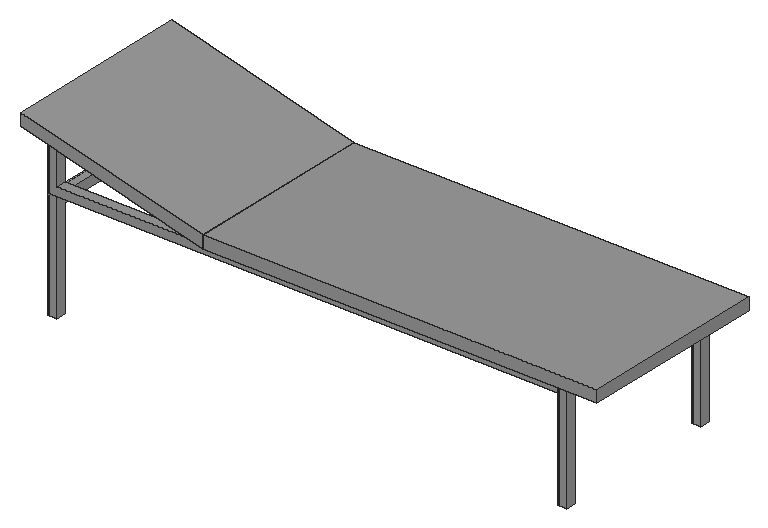
Revit family "АВЛН_КУшетка", category Мебель, Revit 2019
Family settings
  Номер OmniClass = 23.40.20.00
  Заголовок OmniClass = General Furniture and Specialties
  На основе рабочей плоскости = Нет
  Всегда вертикально = Да
  При загрузке вырезать с полостями = Нет
  Общий = Нет
  Точка расчета площади = Нет
Parameters (values of type "Кушетка медицинская смотровая")
  Описание = "Кушетка медицинская смотровая; искусств. Кожа,\r\nдсп,поролон, Каркас: полимерно-порошковое\r\nпокрытие, габ.1900х622х550"
  Материал сиденья = Полотно, бежевое
  Материал каркаса = Сталь, гальванизированная
  Type Comments = ""
  Keynote = ""
  Изготовитель = "\"Первая Детская\r\nКомпания\" Москва"
  Группа модели = "Оборудование мед.блока"  # constant formula
  ADSK_Размер_Ширина = 622 mm
  ADSK_Размер_Длина = 1900 mm
  ADSK_Размер_Высота = 550 mm
  ADSK_Обозначение = "КМС-1"
  ADSK_Масса = 0
  ADSK_Код изделия = ""
  ADSK_Единица измерения = "шт"  # constant formula
Reference planes
  plane 1 "По центру (Вперед/Назад)": y = 0
  plane 2: z = 0
  plane 3 "По центру (Влево/Вправо)": x = 0
  plane 4: z = 550
  plane 5: y = 311
  plane 6: x = 950
  plane 7: x = -950
  plane 8: y = -311
  plane 9: x = -350
Forms (mm)
  Extrusion 1, solid, material "Полотно, бежевое" <- "Материал сиденья"
    sketch origin (0, -518.993, 501.192) x (-1, 0, 0) y (0, -1, 0)
      loop
        line (350, -829.993) -> (350, -207.993) -> (-950, -207.993) -> (-950, -829.993) -> (350, -829.993)
    from -141.192 to -101.192
  Extrusion 2, solid, material "Полотно, бежевое" <- "Материал сиденья"
    sketch origin (0, 0, 0) x (1, 0, 0) y (0, 0, 1)
      loop
        line (-350, 400) -> (-950, 550) -> (-950, 510) -> (-350, 360) -> (-350, 400)
    from -311 to 311
  Sweep 3, solid, material "Сталь, гальванизированная" <- "Материал каркаса"
    path origin (0, 0, 0) x (0, 1, 0) y (0, 0, 1)
      loop
        line (291, 0) -> (291, 360) -> (-291, 360) -> (-291, 0)
    profile origin (0, 291, 180) x (0, -1, 0) y (1, 0, 0)
      loop
        line (0, 805) -> (30, 805) -> (30, 835) -> (0, 835) -> (0, 805)
      loop
        line (1.847, 806.271) -> (28.616, 806.271) -> (28.616, 833.499) -> (1.847, 833.499) -> (1.847, 806.271)
  Sweep 4, solid, material "Сталь, гальванизированная" <- "Материал каркаса"
    path origin (-1680, 0, -30) x (0, 1, 0) y (0, 0, 1)
      loop
        line (291, 0) -> (291, 360) -> (-291, 360) -> (-291, 0)
    profile origin (-1680, 291, 150) x (0, -1, 0) y (1, 0, 0)
      loop
        line (0, 805) -> (30, 805) -> (30, 835) -> (0, 835) -> (0, 805)
      loop
        line (1.847, 806.271) -> (28.616, 806.271) -> (28.616, 833.499) -> (1.847, 833.499) -> (1.847, 806.271)
  Sweep 5, solid, material "Сталь, гальванизированная" <- "Материал каркаса"
    path origin (0, 0, 0) x (1, 0, 0) y (0, 0, 1)
      loop
        line (805, 360) -> (-845, 360) -> (-845, 483.75)
    profile origin (-20, 0, 360) x (0, 0, -1) y (0, -1, 0)
      loop
        line (0, -291) -> (30, -291) -> (30, -261) -> (0, -261) -> (0, -291)
      loop
        line (1.847, -289.175) -> (28.616, -289.175) -> (28.616, -262.905) -> (1.847, -262.905) -> (1.847, -289.175)
  Sweep 6, solid, material "Сталь, гальванизированная" <- "Материал каркаса"
    path origin (0, -552, 0) x (1, 0, 0) y (0, 0, 1)
      loop
        line (805, 360) -> (-845, 360) -> (-845, 483.75)
    profile origin (-20, -552, 360) x (0, 0, -1) y (0, -1, 0)
      loop
        line (0, -291) -> (30, -291) -> (30, -261) -> (0, -261) -> (0, -291)
      loop
        line (1.847, -289.175) -> (28.616, -289.175) -> (28.616, -262.905) -> (1.847, -262.905) -> (1.847, -289.175)
Dimensions and locks
  plane 2 to plane 4 = 550 mm
  equal spacing: plane 8, plane 1 "По центру (Вперед/Назад)", plane 5
  equal spacing: plane 7, plane 3 "По центру (Влево/Вправо)", plane 6
  "ADSK_Размер_Длина": plane 7 to plane 6
  "ADSK_Размер_Ширина": plane 5 to plane 8
  "ADSK_Размер_Высота": plane 2 to plane 4
  plane 7 to plane 9 = 600 mm
  Extrusion 1 to Extrusion 1 to plane 4 = 40 mm locked, 150 mm locked
  aligned and locked: level to plane 2
  aligned and locked: Extrusion 1 sketch curve to plane 5
  aligned and locked: plane 9 to Extrusion 1 sketch curve
  aligned and locked: plane 8 to Extrusion 1 sketch curve
  aligned and locked: Extrusion 1 sketch curve to plane 6
  aligned and locked: plane 9 to Extrusion 2
  aligned and locked: plane 5 to Extrusion 2
  aligned and locked: Extrusion 2 to plane 8
  aligned and locked: Extrusion 2 to plane 7
  aligned and locked: level to Sweep 3 sketch curve  (x2)
  aligned and locked: Extrusion 1 to Sweep 3 sketch curve
  aligned and locked: Extrusion 1 to Sweep 5 sketch curve
  aligned and locked: Sweep 4 to Sweep 5 sketch curve
Automatic sketch dimensions
  Extrusion 2 sketch curve to plane 4 = 0 mm
  Extrusion 2 sketch curve to plane 7 = 0 mm
  Extrusion 2 sketch curve to plane 9 = 0 mm
  plane 4 to Extrusion 2 sketch curve = 40 mm
  plane 4 to Extrusion 2 sketch curve = 150 mm
  Extrusion 2 sketch curve to Extrusion 2 sketch curve = 40 mm
  plane 8 to Sweep 3 sketch curve = 20 mm
  Sweep 3 sketch curve to plane 5 = 20 mm
  Sweep 3 sketch curve to profile plane = 0 mm
  Sweep 3 sketch curve to profile plane = 1.847 mm
  Sweep 3 sketch curve to Sweep 3 sketch curve = 26.769 mm
  Sweep 3 sketch curve to Sweep 3 sketch curve = 1.384 mm
  plane 3 "По центру (Влево/Вправо)" to Sweep 3 sketch curve = 805 mm
  Sweep 3 sketch curve to Sweep 3 sketch curve = 1.271 mm
  Sweep 3 sketch curve to Sweep 3 sketch curve = 27.228 mm
  Sweep 3 sketch curve to Sweep 3 sketch curve = 1.501 mm
  Sweep 4 sketch curve to level = 30 mm  (x2)
  plane 8 to Sweep 4 sketch curve = 20 mm
  Sweep 4 sketch curve to plane 5 = 20 mm
  plane 4 to Sweep 4 sketch curve = 220 mm
  Sweep 4 sketch curve to profile plane = 0 mm
  Sweep 4 sketch curve to profile plane = 1.847 mm
  Sweep 4 sketch curve to Sweep 4 sketch curve = 26.769 mm
  Sweep 4 sketch curve to Sweep 4 sketch curve = 1.384 mm
  profile plane to Sweep 4 sketch curve = 805 mm
  Sweep 4 sketch curve to Sweep 4 sketch curve = 1.271 mm
  Sweep 4 sketch curve to Sweep 4 sketch curve = 27.228 mm
  Sweep 4 sketch curve to Sweep 4 sketch curve = 1.501 mm
  Sweep 5 sketch curve to plane 6 = 145 mm
  plane 4 to Sweep 5 sketch curve = 66.25 mm
  Sweep 5 sketch curve to profile plane = 0 mm
  Sweep 5 sketch curve to profile plane = 1.847 mm
  Sweep 5 sketch curve to Sweep 5 sketch curve = 26.769 mm
  Sweep 5 sketch curve to Sweep 5 sketch curve = 1.384 mm
  Sweep 5 sketch curve to plane 1 "По центру (Вперед/Назад)" = 291 mm
  Sweep 5 sketch curve to Sweep 5 sketch curve = 1.825 mm
  Sweep 5 sketch curve to Sweep 5 sketch curve = 26.27 mm
  Sweep 5 sketch curve to Sweep 5 sketch curve = 1.905 mm
  plane 7 to Sweep 6 sketch curve = 105 mm
  plane 4 to Sweep 6 sketch curve = 190 mm
  Sweep 6 sketch curve to plane 6 = 145 mm
  plane 4 to Sweep 6 sketch curve = 66.25 mm
  Sweep 6 sketch curve to profile plane = 0 mm
  Sweep 6 sketch curve to profile plane = 1.847 mm
  Sweep 6 sketch curve to Sweep 6 sketch curve = 26.769 mm
  Sweep 6 sketch curve to Sweep 6 sketch curve = 1.384 mm
  Sweep 6 sketch curve to profile plane = 291 mm
  Sweep 6 sketch curve to Sweep 6 sketch curve = 1.825 mm
  Sweep 6 sketch curve to Sweep 6 sketch curve = 26.27 mm
  Sweep 6 sketch curve to Sweep 6 sketch curve = 1.905 mm
